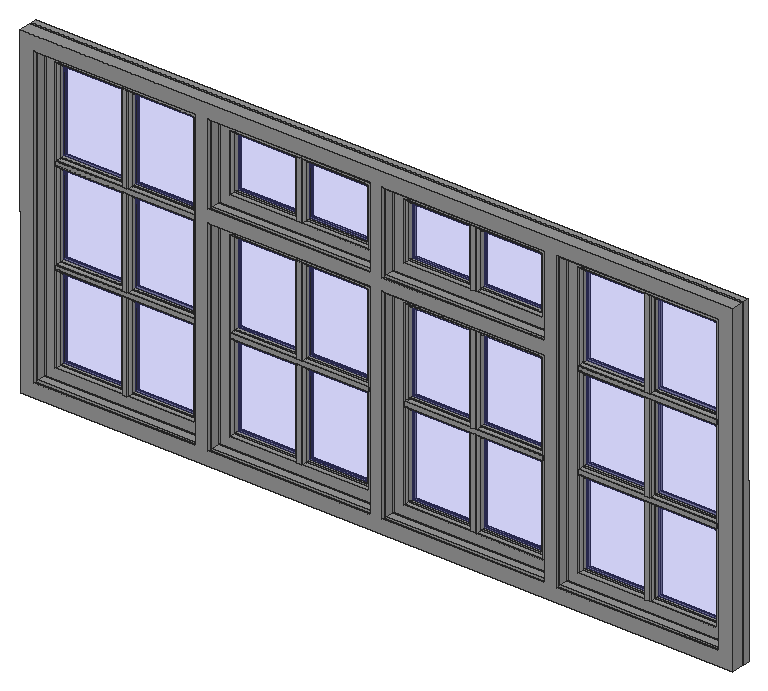
Revit family "MC4FSP", category Windows, host Wall, Revit 2015 (continued)
Automatic sketch dimensions
  Extrusion 9 sketch curve to plane 2 "Center (Left/Right)" = 22 mm
  host wall to Extrusion 9 sketch curve = 2.5 mm  (x2)
  Extrusion 9 sketch curve to Extrusion 9 sketch curve = 3.5 mm  (x2)
  Extrusion 9 sketch curve to Extrusion 9 sketch curve = 5 mm
  Extrusion 9 sketch curve to Extrusion 9 sketch curve = 3 mm  (x2)
  Extrusion 9 sketch curve to plane 2 "Center (Left/Right)" = 7 mm
  plane 2 "Center (Left/Right)" to Extrusion 9 sketch curve = 7 mm
  Extrusion 9 sketch curve to Extrusion 9 sketch curve = 8.5 mm
  plane 2 "Center (Left/Right)" to Extrusion 9 sketch curve = 17 mm
  Extrusion 9 sketch curve to Extrusion 9 sketch curve = 0 mm
  plane 10 to Extrusion 9 sketch curve = 5 mm
  plane 9 to Extrusion 9 sketch curve = 6 mm  (x2)
  profile plane to Sweep 10 sketch curve = 15 mm
  Sweep 10 sketch curve to Sweep 10 sketch curve = 3 mm  (x3)
  Sweep 10 sketch curve to Sweep 10 sketch curve = 0 mm  (x2)
  Sweep 10 sketch curve to Sweep 10 sketch curve = 1 mm  (x6)
  Sweep 10 sketch curve to Sweep 10 sketch curve = 2 mm  (x2)
  Sweep 10 sketch curve to Sweep 10 sketch curve = 4 mm
  Sweep 10 sketch curve to plane 10 = 25 mm
  Sweep 10 sketch curve to Sweep 10 sketch curve = 0.536 mm  (x2)
  Sweep 10 sketch curve to Sweep 10 sketch curve = 1.766 mm  (x2)
  Sweep 10 sketch curve to Sweep 10 sketch curve = 0.268 mm  (x2)
  Sweep 10 sketch curve to Sweep 10 sketch curve = 2.43 mm
  Sweep 10 sketch curve to Sweep 10 sketch curve = 5 mm
  profile plane to Sweep 11 sketch curve = 15 mm
  Sweep 11 sketch curve to Sweep 11 sketch curve = 3 mm  (x3)
  Sweep 11 sketch curve to Sweep 11 sketch curve = 0 mm  (x2)
  Sweep 11 sketch curve to Sweep 11 sketch curve = 1 mm  (x6)
  Sweep 11 sketch curve to Sweep 11 sketch curve = 2 mm  (x2)
  Sweep 11 sketch curve to Sweep 11 sketch curve = 4 mm
  Sweep 11 sketch curve to plane 10 = 25 mm
  Sweep 11 sketch curve to Sweep 11 sketch curve = 0.536 mm  (x2)
  Sweep 11 sketch curve to Sweep 11 sketch curve = 1.766 mm  (x2)
  Sweep 11 sketch curve to Sweep 11 sketch curve = 0.268 mm  (x2)
  Sweep 11 sketch curve to Sweep 11 sketch curve = 2.43 mm
  Sweep 11 sketch curve to Sweep 11 sketch curve = 5 mm
  Extrusion 12 sketch curve to plane 9 = 0 mm
  Extrusion 12 sketch curve to host wall = 3.5 mm  (x3)
  Extrusion 12 sketch curve to plane 2 "Center (Left/Right)" = 22 mm
  host wall to Extrusion 12 sketch curve = 2.5 mm  (x2)
  Extrusion 12 sketch curve to Extrusion 12 sketch curve = 3.5 mm  (x2)
  Extrusion 12 sketch curve to Extrusion 12 sketch curve = 5 mm
  Extrusion 12 sketch curve to Extrusion 12 sketch curve = 3 mm  (x2)
  Extrusion 12 sketch curve to plane 2 "Center (Left/Right)" = 7 mm
  plane 2 "Center (Left/Right)" to Extrusion 12 sketch curve = 7 mm
  Extrusion 12 sketch curve to Extrusion 12 sketch curve = 8.5 mm
  plane 2 "Center (Left/Right)" to Extrusion 12 sketch curve = 17 mm
  Extrusion 12 sketch curve to Extrusion 12 sketch curve = 0 mm
  plane 10 to Extrusion 12 sketch curve = 5 mm
  plane 9 to Extrusion 12 sketch curve = 6 mm  (x2)
  profile plane to Sweep 13 sketch curve = 15 mm
  Sweep 13 sketch curve to Sweep 13 sketch curve = 3 mm  (x3)
  Sweep 13 sketch curve to Sweep 13 sketch curve = 0 mm  (x2)
  Sweep 13 sketch curve to Sweep 13 sketch curve = 1 mm  (x6)
  Sweep 13 sketch curve to Sweep 13 sketch curve = 2 mm  (x2)
  Sweep 13 sketch curve to Sweep 13 sketch curve = 4 mm
  Sweep 13 sketch curve to plane 10 = 25 mm
  Sweep 13 sketch curve to Sweep 13 sketch curve = 0.536 mm  (x2)
  Sweep 13 sketch curve to Sweep 13 sketch curve = 1.766 mm  (x2)
  Sweep 13 sketch curve to Sweep 13 sketch curve = 0.268 mm  (x2)
  Sweep 13 sketch curve to Sweep 13 sketch curve = 2.43 mm
  Sweep 13 sketch curve to Sweep 13 sketch curve = 5 mm
  profile plane to Sweep 14 sketch curve = 15 mm
  Sweep 14 sketch curve to Sweep 14 sketch curve = 3 mm  (x3)
  Sweep 14 sketch curve to Sweep 14 sketch curve = 0 mm  (x2)
  Sweep 14 sketch curve to Sweep 14 sketch curve = 1 mm  (x6)
  Sweep 14 sketch curve to Sweep 14 sketch curve = 2 mm  (x2)
  Sweep 14 sketch curve to Sweep 14 sketch curve = 4 mm
  Sweep 14 sketch curve to plane 10 = 25 mm
  Sweep 14 sketch curve to Sweep 14 sketch curve = 0.536 mm  (x2)
  Sweep 14 sketch curve to Sweep 14 sketch curve = 1.766 mm  (x2)
  Sweep 14 sketch curve to Sweep 14 sketch curve = 0.268 mm  (x2)
  Sweep 14 sketch curve to Sweep 14 sketch curve = 2.43 mm
  Sweep 14 sketch curve to Sweep 14 sketch curve = 5 mm
  Sweep 15 sketch curve to plane 10 = 0 mm
  profile plane to Sweep 15 sketch curve = 52 mm
  Sweep 15 sketch curve to Sweep 15 sketch curve = 3 mm  (x2)
  Sweep 15 sketch curve to Sweep 15 sketch curve = 6 mm
  Sweep 15 sketch curve to Sweep 15 sketch curve = 9 mm
  profile plane to Sweep 15 sketch curve = 14 mm
  Sweep 15 sketch curve to Sweep 15 sketch curve = 2 mm  (x3)
  profile plane to Sweep 15 sketch curve = 1 mm
  Sweep 15 sketch curve to profile plane = 5 mm
  Sweep 15 sketch curve to plane 10 = 2 mm
  Sweep 15 sketch curve to Sweep 15 sketch curve = 0.536 mm  (x2)
  Sweep 15 sketch curve to Sweep 15 sketch curve = 4.928 mm
  Sweep 15 sketch curve to Sweep 15 sketch curve = 8 mm
  Sweep 15 sketch curve to Sweep 15 sketch curve = 5 mm
  plane 10 to Sweep 15 sketch curve = 5 mm
  Sweep 15 sketch curve to Sweep 15 sketch curve = 14 mm
  Sweep 16 sketch curve to plane 10 = 0 mm
  profile plane to Sweep 16 sketch curve = 52 mm
  Sweep 16 sketch curve to Sweep 16 sketch curve = 3 mm  (x2)
  Sweep 16 sketch curve to Sweep 16 sketch curve = 6 mm
  Sweep 16 sketch curve to Sweep 16 sketch curve = 9 mm
  profile plane to Sweep 16 sketch curve = 14 mm
  Sweep 16 sketch curve to Sweep 16 sketch curve = 2 mm  (x3)
  profile plane to Sweep 16 sketch curve = 1 mm
  Sweep 16 sketch curve to profile plane = 5 mm
  Sweep 16 sketch curve to plane 10 = 2 mm
  Sweep 16 sketch curve to Sweep 16 sketch curve = 0.536 mm  (x2)
  Sweep 16 sketch curve to Sweep 16 sketch curve = 4.928 mm
  Sweep 16 sketch curve to Sweep 16 sketch curve = 8 mm
  Sweep 16 sketch curve to Sweep 16 sketch curve = 5 mm
  plane 10 to Sweep 16 sketch curve = 5 mm
  Sweep 16 sketch curve to Sweep 16 sketch curve = 14 mm
  Sweep 17 sketch curve to plane 10 = 0 mm
  Sweep 17 sketch curve to plane 10 = 8 mm
  profile plane to Sweep 17 sketch curve = 52 mm
  Sweep 17 sketch curve to Sweep 17 sketch curve = 3 mm  (x2)
  Sweep 17 sketch curve to Sweep 17 sketch curve = 9 mm
  Sweep 17 sketch curve to Sweep 17 sketch curve = 6 mm
  Sweep 17 sketch curve to plane 10 = 2.536 mm
  profile plane to Sweep 17 sketch curve = 14 mm
  Sweep 17 sketch curve to Sweep 17 sketch curve = 2 mm  (x3)
  profile plane to Sweep 17 sketch curve = 1 mm
  Sweep 17 sketch curve to profile plane = 5 mm
  Sweep 17 sketch curve to Sweep 17 sketch curve = 4 mm
  Sweep 17 sketch curve to Sweep 17 sketch curve = 5 mm
  Sweep 17 sketch curve to Sweep 17 sketch curve = 0.536 mm
  Sweep 17 sketch curve to plane 10 = 2 mm
  plane 10 to Sweep 17 sketch curve = 5 mm
  Sweep 17 sketch curve to Sweep 17 sketch curve = 14 mm
  Sweep 18 sketch curve to plane 10 = 0 mm
  Sweep 18 sketch curve to plane 10 = 8 mm
  profile plane to Sweep 18 sketch curve = 52 mm
  Sweep 18 sketch curve to Sweep 18 sketch curve = 3 mm  (x2)
  Sweep 18 sketch curve to Sweep 18 sketch curve = 9 mm
  Sweep 18 sketch curve to Sweep 18 sketch curve = 6 mm
  Sweep 18 sketch curve to plane 10 = 2.536 mm
  profile plane to Sweep 18 sketch curve = 14 mm
  Sweep 18 sketch curve to Sweep 18 sketch curve = 2 mm  (x3)
  profile plane to Sweep 18 sketch curve = 1 mm
  Sweep 18 sketch curve to profile plane = 5 mm
  Sweep 18 sketch curve to Sweep 18 sketch curve = 4 mm
  Sweep 18 sketch curve to Sweep 18 sketch curve = 5 mm
  Sweep 18 sketch curve to Sweep 18 sketch curve = 0.536 mm
  Sweep 18 sketch curve to plane 10 = 2 mm
  plane 10 to Sweep 18 sketch curve = 5 mm
  Sweep 18 sketch curve to Sweep 18 sketch curve = 14 mm
  Extrusion 19 sketch curve to plane 10 = 0 mm  (x2)
  Extrusion 19 sketch curve to plane 10 = 8 mm  (x2)
  plane 4 "Right" to Extrusion 19 sketch curve = 255.486 mm
  Extrusion 19 sketch curve to Extrusion 19 sketch curve = 3 mm  (x3)
  Extrusion 19 sketch curve to Extrusion 19 sketch curve = 9 mm
  Extrusion 19 sketch curve to Extrusion 19 sketch curve = 6 mm  (x2)
  Extrusion 19 sketch curve to Extrusion 19 sketch curve = 13 mm  (x2)
  Extrusion 19 sketch curve to Extrusion 19 sketch curve = 25 mm
  Extrusion 20 sketch curve to plane 10 = 0 mm  (x2)
  Extrusion 20 sketch curve to plane 10 = 8 mm  (x2)
  plane 4 "Right" to Extrusion 20 sketch curve = 255.486 mm
  Extrusion 20 sketch curve to Extrusion 20 sketch curve = 3 mm  (x3)
  Extrusion 20 sketch curve to Extrusion 20 sketch curve = 9 mm
  Extrusion 20 sketch curve to Extrusion 20 sketch curve = 6 mm  (x2)
  Extrusion 20 sketch curve to Extrusion 20 sketch curve = 13 mm  (x2)
  Extrusion 20 sketch curve to Extrusion 20 sketch curve = 25 mm
  Extrusion 21 sketch curve to plane 10 = 0 mm  (x4)
  Extrusion 21 sketch curve to Extrusion 21 sketch curve = 25 mm  (x2)
  Extrusion 21 sketch curve to plane 10 = 8 mm  (x4)
  Extrusion 21 sketch curve to Extrusion 21 sketch curve = 6 mm  (x4)
  Extrusion 21 sketch curve to Extrusion 21 sketch curve = 3 mm  (x6)
  Extrusion 21 sketch curve to plane 12 = 6 mm
  Extrusion 21 sketch curve to plane 12 = 15 mm
  Extrusion 21 sketch curve to Extrusion 21 sketch curve = 13 mm  (x3)
  Extrusion 21 sketch curve to plane 11 = 117.5 mm
  Extrusion 21 sketch curve to Extrusion 21 sketch curve = 9 mm
  Extrusion 21 sketch curve to Extrusion 21 sketch curve = 0 mm
  Extrusion 22 sketch curve to plane 10 = 0 mm  (x2)
  Extrusion 22 sketch curve to plane 10 = 8 mm  (x2)
  plane 4 "Right" to Extrusion 22 sketch curve = 255.486 mm
  Extrusion 22 sketch curve to Extrusion 22 sketch curve = 3 mm  (x3)
  Extrusion 22 sketch curve to Extrusion 22 sketch curve = 9 mm
  Extrusion 22 sketch curve to Extrusion 22 sketch curve = 6 mm  (x2)
  Extrusion 22 sketch curve to Extrusion 22 sketch curve = 13 mm  (x2)
  Extrusion 22 sketch curve to Extrusion 22 sketch curve = 25 mm
  Extrusion 23 sketch curve to Extrusion 23 sketch curve = 0 mm  (x2)
  Extrusion 23 sketch curve to Extrusion 23 sketch curve = 0.014 mm
  Extrusion 23 sketch curve to Extrusion 23 sketch curve = 0.013 mm
  plane 6 "Head" to Sweep 24 sketch curve = 72 mm
  plane 13 to Sweep 24 sketch curve = 72 mm
  Sweep 24 sketch curve to profile plane = 0 mm
  Sweep 24 sketch curve to profile plane = 0.241 mm
  Sweep 24 sketch curve to Sweep 24 sketch curve = 6.759 mm
  Sweep 24 sketch curve to Sweep 24 sketch curve = 2 mm  (x2)
  profile plane to Sweep 24 sketch curve = 6.4 mm
  Sweep 24 sketch curve to Sweep 24 sketch curve = 1.197 mm
  Sweep 25 sketch curve to profile plane = 0 mm
  Sweep 25 sketch curve to profile plane = 0.241 mm
  Sweep 25 sketch curve to Sweep 25 sketch curve = 6.759 mm
  Sweep 25 sketch curve to Sweep 25 sketch curve = 2 mm  (x2)
  profile plane to Sweep 25 sketch curve = 6.4 mm
  Sweep 25 sketch curve to Sweep 25 sketch curve = 1.197 mm
  Sweep 26 sketch curve to profile plane = 0 mm
  Sweep 26 sketch curve to profile plane = 0.241 mm
  Sweep 26 sketch curve to Sweep 26 sketch curve = 6.759 mm
  Sweep 26 sketch curve to Sweep 26 sketch curve = 2 mm  (x2)
  profile plane to Sweep 26 sketch curve = 6.4 mm
  Sweep 26 sketch curve to Sweep 26 sketch curve = 1.197 mm
  Sweep 27 sketch curve to profile plane = 0 mm
  Sweep 27 sketch curve to profile plane = 0.241 mm
  Sweep 27 sketch curve to Sweep 27 sketch curve = 6.759 mm
  Sweep 27 sketch curve to Sweep 27 sketch curve = 2 mm  (x2)
  profile plane to Sweep 27 sketch curve = 6.4 mm
  Sweep 27 sketch curve to Sweep 27 sketch curve = 1.197 mm
  Sweep 28 sketch curve to profile plane = 0 mm
  Sweep 28 sketch curve to profile plane = 0.241 mm
  Sweep 28 sketch curve to Sweep 28 sketch curve = 6.759 mm
  Sweep 28 sketch curve to Sweep 28 sketch curve = 2 mm  (x2)
  profile plane to Sweep 28 sketch curve = 6.4 mm
  Sweep 28 sketch curve to Sweep 28 sketch curve = 1.197 mm
  Sweep 29 sketch curve to plane 5 "Sill" = 72 mm
  plane 4 "Right" to Sweep 29 sketch curve = 72 mm
  Sweep 29 sketch curve to profile plane = 0 mm
  Sweep 29 sketch curve to profile plane = 0.241 mm
  Sweep 29 sketch curve to Sweep 29 sketch curve = 6.759 mm
  Sweep 29 sketch curve to Sweep 29 sketch curve = 2 mm  (x2)
  profile plane to Sweep 29 sketch curve = 6.4 mm
  Sweep 29 sketch curve to Sweep 29 sketch curve = 1.197 mm
  Extrusion 30 sketch curve to plane 10 = 0 mm  (x2)
  Extrusion 30 sketch curve to plane 10 = 8 mm  (x2)
  plane 14 to Extrusion 30 sketch curve = 255.486 mm
  Extrusion 30 sketch curve to Extrusion 30 sketch curve = 3 mm  (x3)
  Extrusion 30 sketch curve to Extrusion 30 sketch curve = 9 mm
  Extrusion 30 sketch curve to Extrusion 30 sketch curve = 6 mm  (x2)
  Extrusion 30 sketch curve to Extrusion 30 sketch curve = 13 mm  (x2)
  Extrusion 30 sketch curve to Extrusion 30 sketch curve = 25 mm
  Extrusion 31 sketch curve to plane 10 = 0 mm  (x2)
  Extrusion 31 sketch curve to plane 10 = 8 mm  (x2)
  plane 14 to Extrusion 31 sketch curve = 255.486 mm
  Extrusion 31 sketch curve to Extrusion 31 sketch curve = 3 mm  (x3)
  Extrusion 31 sketch curve to Extrusion 31 sketch curve = 9 mm
  Extrusion 31 sketch curve to Extrusion 31 sketch curve = 6 mm  (x2)
  Extrusion 31 sketch curve to Extrusion 31 sketch curve = 13 mm  (x2)
  Extrusion 31 sketch curve to Extrusion 31 sketch curve = 25 mm
  Extrusion 32 sketch curve to plane 10 = 0 mm  (x4)
  Extrusion 32 sketch curve to Extrusion 32 sketch curve = 25 mm  (x2)
  Extrusion 32 sketch curve to plane 10 = 8 mm  (x4)
  Extrusion 32 sketch curve to Extrusion 32 sketch curve = 6 mm  (x4)
  Extrusion 32 sketch curve to Extrusion 32 sketch curve = 3 mm  (x6)
  Extrusion 32 sketch curve to plane 12 = 6 mm
  Extrusion 32 sketch curve to plane 12 = 15 mm
  Extrusion 32 sketch curve to Extrusion 32 sketch curve = 13 mm  (x3)
  Extrusion 32 sketch curve to plane 11 = 117.5 mm
  Extrusion 32 sketch curve to Extrusion 32 sketch curve = 9 mm
  Extrusion 32 sketch curve to Extrusion 32 sketch curve = 0 mm
  Extrusion 33 sketch curve to plane 10 = 0 mm  (x2)
  Extrusion 33 sketch curve to plane 10 = 8 mm  (x2)
  plane 14 to Extrusion 33 sketch curve = 255.486 mm
  Extrusion 33 sketch curve to Extrusion 33 sketch curve = 3 mm  (x3)
  Extrusion 33 sketch curve to Extrusion 33 sketch curve = 9 mm
  Extrusion 33 sketch curve to Extrusion 33 sketch curve = 6 mm  (x2)
  Extrusion 33 sketch curve to Extrusion 33 sketch curve = 13 mm  (x2)
  Extrusion 33 sketch curve to Extrusion 33 sketch curve = 25 mm
  Extrusion 34 sketch curve to Extrusion 34 sketch curve = 0 mm  (x2)
  Extrusion 34 sketch curve to Extrusion 34 sketch curve = 0.014 mm
  Extrusion 34 sketch curve to Extrusion 34 sketch curve = 0.013 mm
  plane 6 "Head" to Sweep 35 sketch curve = 72 mm
  Sweep 35 sketch curve to plane 3 "Left" = 72 mm
  Sweep 35 sketch curve to profile plane = 0 mm
  Sweep 35 sketch curve to profile plane = 0.241 mm
  Sweep 35 sketch curve to Sweep 35 sketch curve = 6.759 mm
  Sweep 35 sketch curve to Sweep 35 sketch curve = 2 mm  (x2)
  profile plane to Sweep 35 sketch curve = 6.4 mm
  Sweep 35 sketch curve to Sweep 35 sketch curve = 1.197 mm
  Sweep 36 sketch curve to profile plane = 0 mm
  Sweep 36 sketch curve to profile plane = 0.241 mm
  Sweep 36 sketch curve to Sweep 36 sketch curve = 6.759 mm
  Sweep 36 sketch curve to Sweep 36 sketch curve = 2 mm  (x2)
  profile plane to Sweep 36 sketch curve = 6.4 mm
  Sweep 36 sketch curve to Sweep 36 sketch curve = 1.197 mm
  Sweep 37 sketch curve to profile plane = 0 mm
  Sweep 37 sketch curve to profile plane = 0.241 mm
  Sweep 37 sketch curve to Sweep 37 sketch curve = 6.759 mm
  Sweep 37 sketch curve to Sweep 37 sketch curve = 2 mm  (x2)
  profile plane to Sweep 37 sketch curve = 6.4 mm
  Sweep 37 sketch curve to Sweep 37 sketch curve = 1.197 mm
  Sweep 38 sketch curve to profile plane = 0 mm
  Sweep 38 sketch curve to profile plane = 0.241 mm
  Sweep 38 sketch curve to Sweep 38 sketch curve = 6.759 mm
  Sweep 38 sketch curve to Sweep 38 sketch curve = 2 mm  (x2)
  profile plane to Sweep 38 sketch curve = 6.4 mm
  Sweep 38 sketch curve to Sweep 38 sketch curve = 1.197 mm
  Sweep 39 sketch curve to profile plane = 0 mm
  Sweep 39 sketch curve to profile plane = 0.241 mm
  Sweep 39 sketch curve to Sweep 39 sketch curve = 6.759 mm
  Sweep 39 sketch curve to Sweep 39 sketch curve = 2 mm  (x2)
  profile plane to Sweep 39 sketch curve = 6.4 mm
  Sweep 39 sketch curve to Sweep 39 sketch curve = 1.197 mm
  Sweep 40 sketch curve to plane 5 "Sill" = 72 mm
  plane 14 to Sweep 40 sketch curve = 72 mm
  Sweep 40 sketch curve to profile plane = 0 mm
  Sweep 40 sketch curve to profile plane = 0.241 mm
  Sweep 40 sketch curve to Sweep 40 sketch curve = 6.759 mm
  Sweep 40 sketch curve to Sweep 40 sketch curve = 2 mm  (x2)
  profile plane to Sweep 40 sketch curve = 6.4 mm
  Sweep 40 sketch curve to Sweep 40 sketch curve = 1.197 mm
  Extrusion 41 sketch curve to plane 10 = 0 mm  (x2)
  Extrusion 41 sketch curve to plane 10 = 8 mm
  Extrusion 41 sketch curve to plane 13 = 211.5 mm
  Extrusion 41 sketch curve to Extrusion 41 sketch curve = 3 mm  (x3)
  Extrusion 41 sketch curve to Extrusion 41 sketch curve = 9 mm
  Extrusion 41 sketch curve to Extrusion 41 sketch curve = 6 mm  (x2)
  Extrusion 41 sketch curve to Extrusion 41 sketch curve = 13 mm  (x2)
  plane 10 to Extrusion 41 sketch curve = 25 mm
  Extrusion 41 sketch curve to Extrusion 41 sketch curve = 8 mm
  Extrusion 42 sketch curve to plane 10 = 0 mm  (x2)
  Extrusion 42 sketch curve to plane 10 = 8 mm
  Extrusion 42 sketch curve to plane 13 = 211.5 mm
  Extrusion 42 sketch curve to Extrusion 42 sketch curve = 3 mm  (x3)
  Extrusion 42 sketch curve to Extrusion 42 sketch curve = 9 mm
  Extrusion 42 sketch curve to Extrusion 42 sketch curve = 6 mm  (x2)
  Extrusion 42 sketch curve to Extrusion 42 sketch curve = 13 mm  (x2)
  plane 10 to Extrusion 42 sketch curve = 25 mm
  Extrusion 42 sketch curve to Extrusion 42 sketch curve = 8 mm
  Extrusion 43 sketch curve to plane 10 = 0 mm  (x2)
  Extrusion 43 sketch curve to plane 10 = 8 mm
  Extrusion 43 sketch curve to plane 13 = 211.5 mm
  Extrusion 43 sketch curve to Extrusion 43 sketch curve = 3 mm  (x3)
  Extrusion 43 sketch curve to Extrusion 43 sketch curve = 9 mm
  Extrusion 43 sketch curve to Extrusion 43 sketch curve = 6 mm  (x2)
  Extrusion 43 sketch curve to Extrusion 43 sketch curve = 13 mm  (x2)
  plane 10 to Extrusion 43 sketch curve = 25 mm
  Extrusion 43 sketch curve to Extrusion 43 sketch curve = 8 mm
  Extrusion 44 sketch curve to plane 10 = 0 mm  (x2)
  plane 10 to Extrusion 44 sketch curve = 25 mm
  Extrusion 44 sketch curve to Extrusion 44 sketch curve = 8 mm  (x2)
  Extrusion 44 sketch curve to Extrusion 44 sketch curve = 6 mm  (x2)
  Extrusion 44 sketch curve to Extrusion 44 sketch curve = 3 mm  (x3)
  Extrusion 44 sketch curve to plane 11 = 117.5 mm
  Extrusion 44 sketch curve to Extrusion 44 sketch curve = 9 mm
  Extrusion 44 sketch curve to Extrusion 44 sketch curve = 13 mm
  Extrusion 44 sketch curve to Extrusion 44 sketch curve = 0 mm
  Extrusion 45 sketch curve to Extrusion 45 sketch curve = 0.011 mm
  Extrusion 45 sketch curve to plane 12 = 28 mm
  Extrusion 45 sketch curve to Extrusion 45 sketch curve = 0 mm
  Extrusion 45 sketch curve to plane 13 = 28.013 mm
  Extrusion 45 sketch curve to plane 2 "Center (Left/Right)" = 50 mm
  plane 6 "Head" to Sweep 46 sketch curve = 72 mm
  Sweep 46 sketch curve to plane 2 "Center (Left/Right)" = 50 mm
  Sweep 46 sketch curve to profile plane = 0 mm
  Sweep 46 sketch curve to profile plane = 0.241 mm
  Sweep 46 sketch curve to Sweep 46 sketch curve = 6.759 mm
  Sweep 46 sketch curve to Sweep 46 sketch curve = 2 mm  (x2)
  profile plane to Sweep 46 sketch curve = 6.4 mm
  Sweep 46 sketch curve to Sweep 46 sketch curve = 1.197 mm
  Sweep 47 sketch curve to plane 13 = 28 mm
  plane 6 "Head" to Sweep 47 sketch curve = 72 mm
  plane 12 to Sweep 47 sketch curve = 72 mm
  Sweep 47 sketch curve to profile plane = 0 mm
  Sweep 47 sketch curve to profile plane = 0.241 mm
  Sweep 47 sketch curve to Sweep 47 sketch curve = 6.759 mm
  Sweep 47 sketch curve to Sweep 47 sketch curve = 2 mm  (x2)
  profile plane to Sweep 47 sketch curve = 6.4 mm
  Sweep 47 sketch curve to Sweep 47 sketch curve = 1.197 mm
  Sweep 48 sketch curve to plane 12 = 28 mm
  Sweep 48 sketch curve to plane 2 "Center (Left/Right)" = 50 mm
  Sweep 48 sketch curve to profile plane = 0 mm
  Sweep 48 sketch curve to profile plane = 0.241 mm
  Sweep 48 sketch curve to Sweep 48 sketch curve = 6.759 mm
  Sweep 48 sketch curve to Sweep 48 sketch curve = 2 mm  (x2)
  profile plane to Sweep 48 sketch curve = 6.4 mm
  Sweep 48 sketch curve to Sweep 48 sketch curve = 1.197 mm
  Sweep 49 sketch curve to plane 12 = 28 mm
  Sweep 49 sketch curve to plane 13 = 28 mm
  Sweep 49 sketch curve to profile plane = 0 mm
  Sweep 49 sketch curve to profile plane = 0.241 mm
  Sweep 49 sketch curve to Sweep 49 sketch curve = 6.759 mm
  Sweep 49 sketch curve to Sweep 49 sketch curve = 2 mm  (x2)
  profile plane to Sweep 49 sketch curve = 6.4 mm
  Sweep 49 sketch curve to Sweep 49 sketch curve = 1.197 mm
  Sweep 50 sketch curve to plane 5 "Sill" = 72 mm
  Sweep 50 sketch curve to plane 2 "Center (Left/Right)" = 50 mm
  Sweep 50 sketch curve to profile plane = 0 mm
  Sweep 50 sketch curve to profile plane = 0.241 mm
  Sweep 50 sketch curve to Sweep 50 sketch curve = 6.759 mm
  Sweep 50 sketch curve to Sweep 50 sketch curve = 2 mm  (x2)
  profile plane to Sweep 50 sketch curve = 6.4 mm
  Sweep 50 sketch curve to Sweep 50 sketch curve = 1.197 mm
  Sweep 51 sketch curve to plane 5 "Sill" = 72 mm
  Sweep 51 sketch curve to plane 13 = 28 mm
  Sweep 51 sketch curve to profile plane = 0 mm
  Sweep 51 sketch curve to profile plane = 0.241 mm
  Sweep 51 sketch curve to Sweep 51 sketch curve = 6.759 mm
  Sweep 51 sketch curve to Sweep 51 sketch curve = 2 mm  (x2)
  profile plane to Sweep 51 sketch curve = 6.4 mm
  Sweep 51 sketch curve to Sweep 51 sketch curve = 1.197 mm
  Extrusion 52 sketch curve to plane 10 = 0 mm  (x2)
  Extrusion 52 sketch curve to plane 10 = 8 mm
  plane 2 "Center (Left/Right)" to Extrusion 52 sketch curve = 233.5 mm
  Extrusion 52 sketch curve to Extrusion 52 sketch curve = 3 mm  (x3)
  Extrusion 52 sketch curve to Extrusion 52 sketch curve = 9 mm
  Extrusion 52 sketch curve to Extrusion 52 sketch curve = 6 mm  (x2)
  Extrusion 52 sketch curve to Extrusion 52 sketch curve = 13 mm  (x2)
  plane 10 to Extrusion 52 sketch curve = 25 mm
  Extrusion 52 sketch curve to Extrusion 52 sketch curve = 8 mm
  Extrusion 53 sketch curve to plane 10 = 0 mm  (x2)
  Extrusion 53 sketch curve to plane 10 = 8 mm
  plane 2 "Center (Left/Right)" to Extrusion 53 sketch curve = 233.5 mm
  Extrusion 53 sketch curve to Extrusion 53 sketch curve = 3 mm  (x3)
  Extrusion 53 sketch curve to Extrusion 53 sketch curve = 9 mm
  Extrusion 53 sketch curve to Extrusion 53 sketch curve = 6 mm  (x2)
  Extrusion 53 sketch curve to Extrusion 53 sketch curve = 13 mm  (x2)
  plane 10 to Extrusion 53 sketch curve = 25 mm
  Extrusion 53 sketch curve to Extrusion 53 sketch curve = 8 mm
  Extrusion 54 sketch curve to plane 10 = 0 mm  (x2)
  Extrusion 54 sketch curve to plane 10 = 8 mm
  plane 2 "Center (Left/Right)" to Extrusion 54 sketch curve = 233.5 mm
  Extrusion 54 sketch curve to Extrusion 54 sketch curve = 3 mm  (x3)
  Extrusion 54 sketch curve to Extrusion 54 sketch curve = 9 mm
  Extrusion 54 sketch curve to Extrusion 54 sketch curve = 6 mm  (x2)
  Extrusion 54 sketch curve to Extrusion 54 sketch curve = 13 mm  (x2)
  plane 10 to Extrusion 54 sketch curve = 25 mm
  Extrusion 54 sketch curve to Extrusion 54 sketch curve = 8 mm
  Extrusion 55 sketch curve to plane 10 = 0 mm  (x2)
  plane 10 to Extrusion 55 sketch curve = 25 mm
  Extrusion 55 sketch curve to Extrusion 55 sketch curve = 8 mm  (x2)
  Extrusion 55 sketch curve to Extrusion 55 sketch curve = 6 mm  (x2)
  Extrusion 55 sketch curve to Extrusion 55 sketch curve = 3 mm  (x3)
  Extrusion 55 sketch curve to plane 11 = 117.5 mm
  Extrusion 55 sketch curve to Extrusion 55 sketch curve = 9 mm
  Extrusion 55 sketch curve to Extrusion 55 sketch curve = 13 mm
  Extrusion 55 sketch curve to Extrusion 55 sketch curve = 0 mm
  Extrusion 56 sketch curve to Extrusion 56 sketch curve = 0.011 mm
  Extrusion 56 sketch curve to plane 12 = 28 mm
  Extrusion 56 sketch curve to Extrusion 56 sketch curve = 0 mm
  plane 2 "Center (Left/Right)" to Extrusion 56 sketch curve = 50.013 mm
  Extrusion 56 sketch curve to plane 14 = 28 mm
  Sweep 57 sketch curve to plane 14 = 28 mm
  plane 6 "Head" to Sweep 57 sketch curve = 72 mm
  Sweep 57 sketch curve to profile plane = 0 mm
  Sweep 57 sketch curve to profile plane = 0.241 mm
  Sweep 57 sketch curve to Sweep 57 sketch curve = 6.759 mm
  Sweep 57 sketch curve to Sweep 57 sketch curve = 2 mm  (x2)
  profile plane to Sweep 57 sketch curve = 6.4 mm
  Sweep 57 sketch curve to Sweep 57 sketch curve = 1.197 mm
  plane 6 "Head" to Sweep 58 sketch curve = 72 mm
  plane 12 to Sweep 58 sketch curve = 72 mm
  plane 2 "Center (Left/Right)" to Sweep 58 sketch curve = 50 mm
  Sweep 58 sketch curve to profile plane = 0 mm
  Sweep 58 sketch curve to profile plane = 0.241 mm
  Sweep 58 sketch curve to Sweep 58 sketch curve = 6.759 mm
  Sweep 58 sketch curve to Sweep 58 sketch curve = 2 mm  (x2)
  profile plane to Sweep 58 sketch curve = 6.4 mm
  Sweep 58 sketch curve to Sweep 58 sketch curve = 1.197 mm
  Sweep 59 sketch curve to plane 12 = 28 mm
  Sweep 59 sketch curve to plane 14 = 28 mm
  Sweep 59 sketch curve to profile plane = 0 mm
  Sweep 59 sketch curve to profile plane = 0.241 mm
  Sweep 59 sketch curve to Sweep 59 sketch curve = 6.759 mm
  Sweep 59 sketch curve to Sweep 59 sketch curve = 2 mm  (x2)
  profile plane to Sweep 59 sketch curve = 6.4 mm
  Sweep 59 sketch curve to Sweep 59 sketch curve = 1.197 mm
  Sweep 60 sketch curve to plane 12 = 28 mm
  plane 2 "Center (Left/Right)" to Sweep 60 sketch curve = 50 mm
  Sweep 60 sketch curve to profile plane = 0 mm
  Sweep 60 sketch curve to profile plane = 0.241 mm
  Sweep 60 sketch curve to Sweep 60 sketch curve = 6.759 mm
  Sweep 60 sketch curve to Sweep 60 sketch curve = 2 mm  (x2)
  profile plane to Sweep 60 sketch curve = 6.4 mm
  Sweep 60 sketch curve to Sweep 60 sketch curve = 1.197 mm
  Sweep 61 sketch curve to plane 14 = 28 mm
  Sweep 61 sketch curve to plane 5 "Sill" = 72 mm
  Sweep 61 sketch curve to profile plane = 0 mm
  Sweep 61 sketch curve to profile plane = 0.241 mm
  Sweep 61 sketch curve to Sweep 61 sketch curve = 6.759 mm
  Sweep 61 sketch curve to Sweep 61 sketch curve = 2 mm  (x2)
  profile plane to Sweep 61 sketch curve = 6.4 mm
  Sweep 61 sketch curve to Sweep 61 sketch curve = 1.197 mm
  Sweep 62 sketch curve to plane 5 "Sill" = 72 mm
  plane 2 "Center (Left/Right)" to Sweep 62 sketch curve = 50 mm
  Sweep 62 sketch curve to profile plane = 0 mm
  Sweep 62 sketch curve to profile plane = 0.241 mm
  Sweep 62 sketch curve to Sweep 62 sketch curve = 6.759 mm
  Sweep 62 sketch curve to Sweep 62 sketch curve = 2 mm  (x2)
  profile plane to Sweep 62 sketch curve = 6.4 mm
  Sweep 62 sketch curve to Sweep 62 sketch curve = 1.197 mm
  curve 3 to plane 11 = 0 mm
  plane 14 to curve 3 = 24 mm
  plane 12 to curve 7 = 24 mm
  curve 7 to plane 14 = 227 mm
  plane 12 to curve 6 = 24 mm
  curve 6 to plane 13 = 227 mm
  curve 2 to plane 11 = 0 mm
  plane 13 to curve 2 = 24 mm
  curve 4 to plane 3 "Left" = 24 mm
  curve 3 to plane 3 "Left" = 23.918 mm
  plane 14 to curve 7 = 20 mm
  plane 2 "Center (Left/Right)" to curve 8 = 2 mm
  curve 5 to plane 2 "Center (Left/Right)" = 2 mm
  plane 13 to curve 6 = 20 mm
  plane 4 "Right" to curve 2 = 24 mm
  plane 4 "Right" to curve 1 = 23.918 mm
  curve 2 to plane 5 "Sill" = 24 mm
  curve 4 to plane 5 "Sill" = 24 mm
  plane 6 "Head" to curve 6 = 24 mm
  plane 6 "Head" to curve 8 = 24 mm
  curve 5 to curve 8 = 0 mm
  plane 6 "Head" to curve 7 = 24 mm
  plane 6 "Head" to curve 3 = 23.92 mm
  plane 6 "Head" to curve 1 = 23.92 mm
